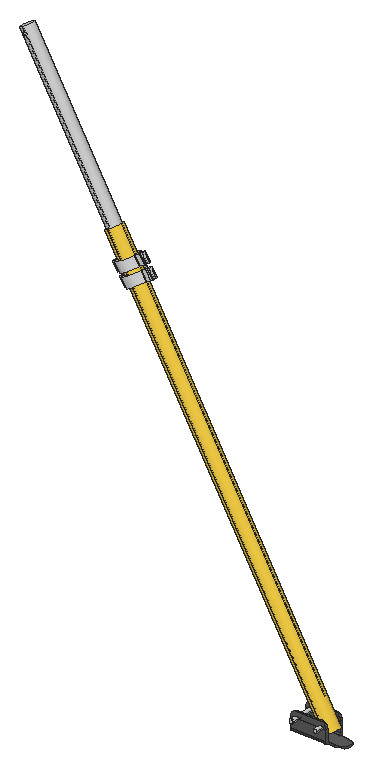
Revit family "EV_PUSH PULL PROP LIGHT 2.5-3.85_1856120", category Generic Models, Revit 2018
Family settings
  Can host rebar = No
  Round Connector Dimension = Use Diameter
  Part Type = Normal
  OmniClass Number = 35.51.14.00
  OmniClass Title = FORMWORK
  Work Plane-Based = Yes
  Always vertical = No
  Cut with Voids When Loaded = No
  Shared = Yes
  Room Calculation Point = No
Parameters
  VERSION = "20170217"  # constant formula
  URL = "www.ulmaconstruction.com/en"
  UNICLASS = ""
  Manufacturer = "ULMA CONSTRUCTION"  # constant formula
  LENGTH [instance] = 2500 mm
  ITEM_CODE = "1856120"
  FILTER [instance] = ""
  Default Elevation = 0 mm
  CLASSIFICATION_TITLE = ""
  CLASSIFICATION_NUMBER = ""
  ANGLE [instance] = 60.00°
Reference planes
  plane 1 "Centro (Frontal/Posterior)": y = 0
  plane 2: z = 0
  plane 3 "Centro (Izquierda/Derecha)": x = 0
  plane 4: y = 36
  plane 5: y = -36
  plane 6: z = 58
  plane 7: x = 50
Forms (mm)
  Extrusion 1, solid, material "ULMA BLACK"
    sketch origin (0, 0, 0) x (1, 0, 0) y (0, 1, 0)
      loop
        line (75, 30) -> (75, -30) -> (101.646, -30) -> (125.725, -24.336)
        arc (125.725, -24.336) -> (145, 0) -> (125.725, 24.336) r 25
        line (125.725, 24.336) -> (101.646, 30) -> (75, 30)
    from 0 to 6
  Extrusion 2, solid, material "ULMA ZINC", detail levels fine
    sketch origin (4267.2, -20, 64.09) x (0, 0, -1) y (1, 0, 0)
      loop
        line (-7.285, -4317.2) -> (-0.357, -4329.2) -> (12.537, -4329.2) -> (19.465, -4317.2) -> (12.537, -4305.2) -> (-0.357, -4305.2) -> (-7.285, -4317.2)
    from -72 to -62.4
  Extrusion 3, solid, material "ULMA ZINC", detail levels fine
    sketch origin (4267.2, -20, 64.09) x (0, 0, -1) y (1, 0, 0)
      loop
        circle (6.09, -4317.2) r 8
    from 48 to -62.4
  Extrusion 4, solid, material "ULMA ZINC", detail levels fine
    sketch origin (-4267.2, -20, 64.09) x (0, 0, -1) y (1, 0, 0)
      loop
        line (-7.285, 4317.2) -> (-0.357, 4305.2) -> (12.537, 4305.2) -> (19.465, 4317.2) -> (12.537, 4329.2) -> (-0.357, 4329.2) -> (-7.285, 4317.2)
    from -72 to -62.4
  Extrusion 5, solid, material "ULMA ZINC", detail levels fine
    sketch origin (-4267.2, -20, 64.09) x (0, 0, -1) y (1, 0, 0)
      loop
        circle (6.09, 4317.2) r 8
    from 48 to -62.4
  Extrusion 6, solid, material "ULMA BLACK"
    sketch origin (0, 0, 0) x (0, 1, 0) y (0, 0, 1)
      loop
        line (-42, 83) -> (-42, 58) -> (-42, 12)
        arc (-42, 12) -> (-38.485, 3.515) -> (-30, 0) r 12
        line (-30, 0) -> (-24.336, 0) -> (24.336, 0) -> (30, 0)
        arc (30, 0) -> (38.485, 3.515) -> (42, 12) r 12
        line (42, 12) -> (42, 58) -> (42, 83) -> (36, 83) -> (36, 58) -> (36, 12)
        arc (36, 12) -> (34.243, 7.757) -> (30, 6) r 6
        line (30, 6) -> (24.336, 6) -> (-24.336, 6) -> (-30, 6)
        arc (-30, 6) -> (-34.243, 7.757) -> (-36, 12) r 6
        line (-36, 12) -> (-36, 58) -> (-36, 83) -> (-42, 83)
    from 75 to -75
  Extrusion 7, void
    sketch origin (4254.843, -36, 76.09) x (0, 0, -1) y (1, 0, 0)
      loop
        line (-6.91, -4179.843) -> (-6.91, -4204.843)
        arc (-6.91, -4204.843) -> (0.412, -4187.165) -> (18.09, -4179.843) r 25
        line (18.09, -4179.843) -> (-6.91, -4179.843)
    from 6 to -78.4
  Extrusion 8, void
    sketch origin (4254.843, -36, 76.09) x (0, 0, -1) y (1, 0, 0)
      loop
        line (-6.91, -4304.843) -> (-6.91, -4329.843) -> (18.09, -4329.843)
        arc (18.09, -4329.843) -> (0.412, -4322.52) -> (-6.91, -4304.843) r 25
    from 6 to -78
Cuts and joins
  Extrusion 7, Extrusion 8 cuts Extrusion 1
  Extrusion 7, Extrusion 8 cuts Extrusion 6
  joined: Extrusion 1, Extrusion 6
Lines and regions (mm)
  reference lines
    curve 1: line (-300, 0, 664.218) -> (50, 0, 58)
  model lines, detail levels fine
    curve 2: arc (120, -10.5, 0) -> (109.5, 0, 0) -> (120, 10.5, 0) r 10.5
    curve 3: arc (120, 10.5, 0) -> (130.5, 0, 0) -> (120, -10.5, 0) r 10.5
    curve 4: arc (120, -10.5, 6) -> (109.5, 0, 6) -> (120, 10.5, 6) r 10.5
    curve 5: arc (120, 10.5, 6) -> (130.5, 0, 6) -> (120, -10.5, 6) r 10.5
Dimensions and locks
  locked: plane 6 to plane 2 at 58
  locked: plane 3 "Centro (Izquierda/Derecha)" to plane 7 at 50
  "ANGLE": angle curve 1 to level
  aligned and locked: level to plane 2
  aligned and locked: plane 7 to curve 1
  aligned and locked: plane 6 to curve 1
Automatic sketch dimensions
  plane 1 "Centro (Frontal/Posterior)" to Extrusion 1 sketch curve = 0 mm
  plane 5 to Extrusion 1 sketch curve = 6 mm
  Extrusion 1 sketch curve to plane 7 = 25 mm
  Extrusion 1 sketch curve to Extrusion 1 sketch curve = 26.646 mm  (x2)
  Extrusion 1 sketch curve to plane 4 = 6 mm
  Extrusion 1 sketch curve to Extrusion 1 sketch curve = 18.354 mm
  Extrusion 1 sketch curve to plane 4 = 11.664 mm
  Extrusion 1 sketch curve to Extrusion 1 sketch curve = 24.079 mm
  plane 5 to Extrusion 1 sketch curve = 11.664 mm
  plane 6 to Extrusion 2 sketch curve = 13.375 mm
  plane 6 to Extrusion 2 sketch curve = 6.447 mm  (x2)
  Extrusion 2 sketch curve to plane 6 = 6.447 mm  (x2)
  Extrusion 2 sketch curve to plane 6 = 13.375 mm
  Extrusion 2 sketch curve to plane 3 "Centro (Izquierda/Derecha)" = 62 mm
  Extrusion 2 sketch curve to Extrusion 2 sketch curve = 12 mm  (x3)
  Extrusion 3 sketch curve to plane 6 = 0 mm
  Extrusion 3 sketch curve to plane 3 "Centro (Izquierda/Derecha)" = 50 mm
  plane 7 to Extrusion 4 sketch curve = 0 mm  (x2)
  plane 6 to Extrusion 4 sketch curve = 13.375 mm
  plane 6 to Extrusion 4 sketch curve = 6.447 mm  (x2)
  Extrusion 4 sketch curve to plane 6 = 6.447 mm  (x2)
  Extrusion 4 sketch curve to plane 6 = 13.375 mm
  plane 7 to Extrusion 4 sketch curve = 12 mm
  Extrusion 4 sketch curve to plane 7 = 12 mm
  Extrusion 5 sketch curve to plane 6 = 0 mm
  plane 7 to Extrusion 5 sketch curve = 0 mm
  Extrusion 6 sketch curve to Extrusion 6 sketch curve = 0 mm  (x5)
  Extrusion 6 sketch curve to plane 6 = 0 mm  (x4)
  Extrusion 6 sketch curve to plane 5 = 0 mm
  Extrusion 6 sketch curve to level = 0 mm
  Extrusion 6 sketch curve to plane 4 = 0 mm
  Extrusion 6 sketch curve to Extrusion 6 sketch curve = 6 mm
  plane 5 to Extrusion 6 sketch curve = 6 mm
  Extrusion 6 sketch curve to Extrusion 6 sketch curve = 5.664 mm  (x3)
  Extrusion 6 sketch curve to plane 4 = 11.664 mm
  Extrusion 6 sketch curve to Extrusion 6 sketch curve = 25 mm  (x2)
  plane 7 to Extrusion 7 sketch curve = 0 mm  (x2)
  Extrusion 7 sketch curve to plane 6 = 0 mm  (x2)
  Extrusion 7 sketch curve to Extrusion 7 sketch curve = 25 mm
  Extrusion 7 sketch curve to plane 7 = 25 mm
  Extrusion 7 sketch curve to Extrusion 7 sketch curve = 0 mm
  Extrusion 8 sketch curve to plane 6 = 0 mm
  Extrusion 8 sketch curve to Extrusion 8 sketch curve = 25 mm
  Extrusion 8 sketch curve to plane 3 "Centro (Izquierda/Derecha)" = 75 mm
  plane 1 "Centro (Frontal/Posterior)" to curve 3 = 0 mm
  curve 3 to plane 7 = 70 mm
  plane 1 "Centro (Frontal/Posterior)" to curve 3 = 10.5 mm
  radius of Extrusion 3 sketch curve = 8 mm
  radius of Extrusion 5 sketch curve = 8 mm
  radius of curve 4 to Extrusion 1 = 14.5 mm
Nested families
  nested 1: "CUERPO TENSOR 2.5-3.85 - 1856121_PUSH-PULL PROP" at (50, 0, 58) x (-0.5, 0, 0.866) z (-0.866, 0, -0.5), LENGTH <- "LENGTH", type "CUERPO TENSOR 2.5-3.85 - 1856121_PUSH-PULL PROP"
    with REAL_LENGTH 2500 mm, MIN LENGTH 2500 mm, MAX LENGTH 3850 mm, LENGTH 2500 mm, FILTER ""
Definition of nested family "CUERPO TENSOR 2.5-3.85 - 1856121_PUSH-PULL PROP"
  Parameters (values of type "CUERPO TENSOR 2.5-3.85 - 1856121_PUSH-PULL PROP")
    VERSION = "20170217"  # constant formula
    URL = "www.ulmaconstruction.com/en"
    UNICLASS = ""
    REAL_LENGTH [instance] = if(LENGTH < MIN LENGTH, MIN LENGTH, if(LENGTH < MAX LENGTH, LENGTH, MAX LENGTH))  # 2500 mm
    Manufacturer = "ULMA CONSTRUCTION"  # constant formula
    MIN LENGTH [instance] = 2500 mm  # constant formula
    MAX LENGTH [instance] = 3850 mm  # constant formula
    LENGTH [instance] = 2500 mm
    FILTER [instance] = ""
    Default Elevation = 0 mm
    CLASSIFICATION_TITLE = ""
    CLASSIFICATION_NUMBER = ""
  Reference planes
    plane 1 "Centro (Frontal/Posterior)": y = 0
    plane 2: z = 0
    plane 3 "Centro (Izquierda/Derecha)": x = 0
    plane 4 "BODY START": x = -30
    plane 5 "BODY END": x = 1796
    plane 6 "RIGHT SCREW END": x = 87.5
    plane 7 "RIGHT SCREW START": x = 2525
    plane 8 "ITEM_LENGTH": x = 2500
    plane 9 "LENGTH": x = 2500
  Forms (mm)
    Extrusion 1, solid, detail levels medium+fine
      sketch origin (-30, 97.331, 1219.2) x (0, 1, 0) y (0, 0, 1)
        loop
          circle (-97.331, -1219.2) r 33
      from 0 to 1826
    Extrusion 2, solid, detail levels medium+fine
      sketch origin (1040, 91.7, 1219.2) x (0, 1, 0) y (0, 0, -1)
        loop
          circle (-91.7, 1219.2) r 27
      from -1485 to 952.5
    Extrusion 3, solid, detail levels medium+fine
      sketch origin (0, 0, 0) x (0, 1, 0) y (0, 0, 1)
        loop
          arc (-13.116, 43.569) -> (-45.499, -0.219) -> (-12.697, -43.693) r 45.5
          arc (-12.697, -43.693) -> (-12.422, -44.912) -> (-12.242, -46.15) r 16
          line (-12.242, -46.15) -> (-10.018, -67.314) -> (-9.282, -74.314)
          arc (-9.282, -74.314) -> (-8.306, -76.229) -> (-6.299, -77) r 3
          line (-6.299, -77) -> (6.299, -77)
          arc (6.299, -77) -> (8.306, -76.229) -> (9.282, -74.314) r 3
          line (9.282, -74.314) -> (10.018, -67.314) -> (12.242, -46.15)
          arc (12.242, -46.15) -> (12.422, -44.912) -> (12.697, -43.693) r 16
          arc (12.697, -43.693) -> (45.499, -0.219) -> (13.116, 43.569) r 45.5
          arc (13.116, 43.569) -> (12.281, 46.815) -> (12, 50.156) r 20
          line (12, 50.156) -> (12, 59)
          arc (12, 59) -> (11.414, 60.414) -> (10, 61) r 2
          line (10, 61) -> (-10, 61)
          arc (-10, 61) -> (-11.414, 60.414) -> (-12, 59) r 2
          line (-12, 59) -> (-12, 50.156)
          arc (-12, 50.156) -> (-12.281, 46.815) -> (-13.116, 43.569) r 20
      from 1645.5 to 1685.5
    Extrusion 4, solid, detail levels medium+fine
      sketch origin (0, 0, 0) x (0, 1, 0) y (0, 0, 1)
        loop
          arc (-13.116, 43.569) -> (-45.499, -0.219) -> (-12.697, -43.693) r 45.5
          arc (-12.697, -43.693) -> (-12.422, -44.912) -> (-12.242, -46.15) r 16
          line (-12.242, -46.15) -> (-10.018, -67.314) -> (-9.282, -74.314)
          arc (-9.282, -74.314) -> (-8.306, -76.229) -> (-6.299, -77) r 3
          line (-6.299, -77) -> (6.299, -77)
          arc (6.299, -77) -> (8.306, -76.229) -> (9.282, -74.314) r 3
          line (9.282, -74.314) -> (10.018, -67.314) -> (12.242, -46.15)
          arc (12.242, -46.15) -> (12.422, -44.912) -> (12.697, -43.693) r 16
          arc (12.697, -43.693) -> (45.499, -0.219) -> (13.116, 43.569) r 45.5
          arc (13.116, 43.569) -> (12.281, 46.815) -> (12, 50.156) r 20
          line (12, 50.156) -> (12, 59)
          arc (12, 59) -> (11.414, 60.414) -> (10, 61) r 2
          line (10, 61) -> (-10, 61)
          arc (-10, 61) -> (-11.414, 60.414) -> (-12, 59) r 2
          line (-12, 59) -> (-12, 50.156)
          arc (-12, 50.156) -> (-12.281, 46.815) -> (-13.116, 43.569) r 20
      from 1589.5 to 1629.5
    Extrusion 5, void
      sketch origin (0, 0, 0) x (1, 0, 0) y (0, 0, 1)
        loop
          circle (0, 0) r 8.25
      from -35 to 35
    Extrusion 6, void
      sketch origin (0, 0, 0) x (1, 0, 0) y (0, 0, 1)
        loop
          circle (2500, 0) r 8.25
      from -27 to 27
  Cuts and joins
    Extrusion 5 cuts Extrusion 1
    Extrusion 6 cuts Extrusion 2
  Lines and regions (mm)
    model lines
      curve 1: line (0, 0, 0) -> (2500, 0, 0)
    model lines, detail levels coarse
      curve 2: line (0, 0, 0) -> (2500, 0, 0)
  Dimensions and locks
    "REAL_LENGTH": plane 3 "Centro (Izquierda/Derecha)" to plane 8 "ITEM_LENGTH"
    "LENGTH": plane 3 "Centro (Izquierda/Derecha)" to plane 9 "LENGTH"
    plane 3 "Centro (Izquierda/Derecha)" to plane 8 "ITEM_LENGTH" = 2500 mm
    locked: plane 4 "BODY START" to plane 3 "Centro (Izquierda/Derecha)" at 30
    locked: plane 4 "BODY START" to plane 5 "BODY END" at 1826
    locked: plane 6 "RIGHT SCREW END" to plane 7 "RIGHT SCREW START" at 2437.5
    locked: plane 8 "ITEM_LENGTH" to plane 7 "RIGHT SCREW START" at 25
    aligned and locked: level to plane 2
    aligned and locked: Extrusion 1 to plane 4 "BODY START"
    aligned and locked: plane 5 "BODY END" to Extrusion 1
    aligned and locked: Extrusion 2 to plane 7 "RIGHT SCREW START"
    aligned and locked: Extrusion 2 to plane 6 "RIGHT SCREW END"
  Automatic sketch dimensions
    Extrusion 1 sketch curve to level = 0 mm
    Extrusion 1 sketch curve to plane 1 "Centro (Frontal/Posterior)" = 0 mm
    Extrusion 2 sketch curve to level = 0 mm
    Extrusion 2 sketch curve to plane 1 "Centro (Frontal/Posterior)" = 0 mm
    plane 1 "Centro (Frontal/Posterior)" to curve 1 = 0 mm
    curve 1 to plane 3 "Centro (Izquierda/Derecha)" = 0 mm
    curve 1 to plane 8 "ITEM_LENGTH" = 0 mm
    Extrusion 5 sketch curve to level = 0 mm
    Extrusion 5 sketch curve to plane 3 "Centro (Izquierda/Derecha)" = 0 mm
    Extrusion 6 sketch curve to level = 0 mm
    Extrusion 6 sketch curve to plane 8 "ITEM_LENGTH" = 0 mm
    Extrusion 3 sketch curve to Extrusion 3 sketch curve = 0 mm  (x5)
    Extrusion 3 sketch curve to level = 0 mm
    Extrusion 3 sketch curve to plane 1 "Centro (Frontal/Posterior)" = 0 mm
    plane 1 "Centro (Frontal/Posterior)" to Extrusion 3 sketch curve = 6.299 mm
    Extrusion 3 sketch curve to Extrusion 3 sketch curve = 2.984 mm  (x2)
    plane 1 "Centro (Frontal/Posterior)" to Extrusion 3 sketch curve = 10 mm
    Extrusion 3 sketch curve to Extrusion 3 sketch curve = 0.736 mm  (x2)
    Extrusion 3 sketch curve to Extrusion 3 sketch curve = 2 mm  (x2)
    plane 1 "Centro (Frontal/Posterior)" to Extrusion 3 sketch curve = 12.242 mm
    Extrusion 3 sketch curve to Extrusion 3 sketch curve = 15.912 mm  (x2)
    Extrusion 3 sketch curve to Extrusion 3 sketch curve = 20 mm  (x2)
    Extrusion 3 sketch curve to plane 1 "Centro (Frontal/Posterior)" = 6.299 mm
    Extrusion 3 sketch curve to plane 1 "Centro (Frontal/Posterior)" = 10 mm
    Extrusion 3 sketch curve to plane 1 "Centro (Frontal/Posterior)" = 12.242 mm
    Extrusion 3 sketch curve to level = 46.15 mm
    Extrusion 3 sketch curve to Extrusion 3 sketch curve = 1.672 mm  (x2)
    Extrusion 3 sketch curve to Extrusion 3 sketch curve = 21.163 mm
    Extrusion 3 sketch curve to Extrusion 3 sketch curve = 6.686 mm  (x2)
    Extrusion 3 sketch curve to Extrusion 3 sketch curve = 0.314 mm
    level to Extrusion 3 sketch curve = 50.156 mm
    Extrusion 3 sketch curve to Extrusion 3 sketch curve = 8.844 mm
    Extrusion 3 sketch curve to Extrusion 3 sketch curve = 0.455 mm  (x2)
    Extrusion 4 sketch curve to Extrusion 4 sketch curve = 0 mm  (x5)
    Extrusion 4 sketch curve to level = 0 mm
    Extrusion 4 sketch curve to plane 1 "Centro (Frontal/Posterior)" = 0 mm
    plane 1 "Centro (Frontal/Posterior)" to Extrusion 4 sketch curve = 6.299 mm
    Extrusion 4 sketch curve to Extrusion 4 sketch curve = 2.984 mm  (x2)
    plane 1 "Centro (Frontal/Posterior)" to Extrusion 4 sketch curve = 10 mm
    Extrusion 4 sketch curve to Extrusion 4 sketch curve = 0.736 mm  (x2)
    Extrusion 4 sketch curve to Extrusion 4 sketch curve = 2 mm  (x2)
    plane 1 "Centro (Frontal/Posterior)" to Extrusion 4 sketch curve = 12.242 mm
    Extrusion 4 sketch curve to Extrusion 4 sketch curve = 15.912 mm  (x2)
    Extrusion 4 sketch curve to Extrusion 4 sketch curve = 20 mm  (x2)
    Extrusion 4 sketch curve to plane 1 "Centro (Frontal/Posterior)" = 6.299 mm
    Extrusion 4 sketch curve to plane 1 "Centro (Frontal/Posterior)" = 10 mm
    Extrusion 4 sketch curve to plane 1 "Centro (Frontal/Posterior)" = 12.242 mm
    Extrusion 4 sketch curve to level = 46.15 mm
    Extrusion 4 sketch curve to Extrusion 4 sketch curve = 1.672 mm  (x2)
    Extrusion 4 sketch curve to Extrusion 4 sketch curve = 21.163 mm
    Extrusion 4 sketch curve to Extrusion 4 sketch curve = 6.686 mm  (x2)
    Extrusion 4 sketch curve to Extrusion 4 sketch curve = 0.314 mm
    level to Extrusion 4 sketch curve = 50.156 mm
    Extrusion 4 sketch curve to Extrusion 4 sketch curve = 8.844 mm
    Extrusion 4 sketch curve to Extrusion 4 sketch curve = 0.455 mm  (x2)
    plane 1 "Centro (Frontal/Posterior)" to curve 2 = 0 mm
    curve 2 to plane 3 "Centro (Izquierda/Derecha)" = 0 mm
    curve 2 to plane 8 "ITEM_LENGTH" = 0 mm
    radius of Extrusion 1 sketch curve = 33 mm
    radius of Extrusion 2 sketch curve = 27 mm
    radius of Extrusion 5 sketch curve = 8.25 mm
    radius of Extrusion 6 sketch curve = 8.25 mm
